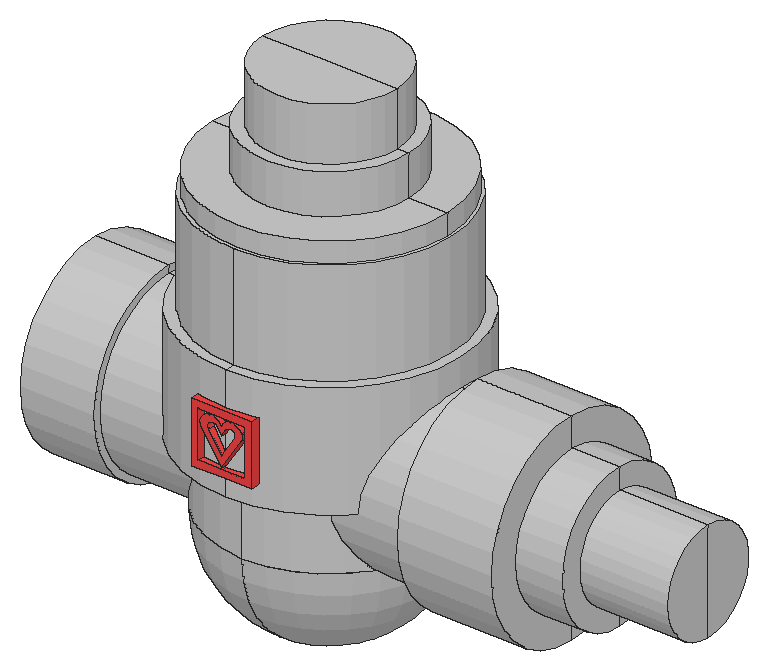
Revit family "RL-1-E Return Valve Straight Model 3723", category Rohrzubehör, Revit 2021
Family settings
  Bemaßung runder Anschluss = Durchmesser verwenden
  Teiletyp = Unterbricht
  OmniClass-Nummer = 23.65.55.14
  OmniClass-Titel = Valves for Liquid Services
  Arbeitsebenenbasiert = Nein
  Immer vertikal = Nein
  Beim Laden mit Abzugskörper schneiden = Nein
  Gemeinsam genutzt = Nein
Parameters
  Vorgabe-Ansicht = 0.000 mm
  URL = "www.herzvalves.com"
  SCRNSEQ = "ARM;ARM_TYP=\"ALLF\";2"
  SCRNCODE = "05;01;02"  # constant formula
  S04 = 45.000 mm  # constant formula
  S03 = 61.000 mm  # constant formula
  S02 [instance] = L05 + L06 + L07  # 56.300 mm
  S01 = 10.000 mm  # constant formula
  R06 = 10.000 mm  # constant formula
  R05 = 11.750 mm  # constant formula
  R04 = 17.500 mm  # constant formula
  R03 = 16.500 mm  # constant formula
  R02 = 19.500 mm  # constant formula
  R01 = 18.000 mm  # constant formula
  Part number [instance] = size_lookup("3723_1E_", "Artnr", 0, Nennweite)  # 1372301
  Nennweite [instance] = 15.000 mm
  Model = "Standard models with nickel-plated threaded sockets."
  Medium = "Hot water purity according to ÖNORM H 5195 and/or VDI guideline 2035"
  Max. operating temperature = 110 °C  # constant formula
  Max. operating pressure = 1000000.0 Pa  # constant formula
  LO1 = 3.000 mm  # constant formula
  LO2 = 19.500 mm  # constant formula
  L07 [instance] = size_lookup("3723_1E_", "L7", 1.000 mm, Nennweite)  # 20.300 mm
  L06 [instance] = size_lookup("3723_1E_", "L6", 1.000 mm, Nennweite)  # 14.000 mm
  L05 [instance] = L02 - L04  # 22.000 mm
  L04 [instance] = size_lookup("3723_1E_", "L4", 1.000 mm, Nennweite)  # 11.000 mm
  L03 [instance] = size_lookup("3723_1E_", "L3", 1.000 mm, Nennweite)  # 11.000 mm
  L02 [instance] = size_lookup("3723_1E_", "L2", 1.000 mm, Nennweite)  # 33.000 mm
  L01 [instance] = size_lookup("3723_1E_", "L1", 1.000 mm, Nennweite)  # 35.000 mm
  Hersteller = "HERZ Armaturen Ges.m.b.H."  # constant formula
  H6 = 8.000 mm  # constant formula
  H07 = 14.000 mm  # constant formula
  H05 = 17.000 mm  # constant formula
  H04 [instance] = H02 - H03  # 17.000 mm
  H03 = 15.500 mm  # constant formula
  H02 [instance] = 32.500 mm  # constant formula
  H01 [instance] = 26.000 mm  # constant formula
  GTI [instance] = size_lookup("3723_1E_", "GT1", 1.000 mm, Nennweite)  # 13.200 mm
  GT [instance] = size_lookup("3723_1E_", "GT", 1.000 mm, Nennweite)  # 12.000 mm
  G2 [instance] = Nennweite / 2  # 7.500 mm
  G1 [instance] = Nennweite / 2  # 7.500 mm
  D05 [instance] = size_lookup("3723_1E_", "D5", 1.000 mm, Nennweite)  # 10.650 mm
  D04 [instance] = size_lookup("3723_1E_", "D4", 1.000 mm, Nennweite)  # 15.000 mm
  D03 [instance] = size_lookup("3723_1E_", "D3", 1.000 mm, Nennweite)  # 9.525 mm
  D02 [instance] = size_lookup("3723_1E_", "D2", 1.000 mm, Nennweite)  # 13.000 mm
  D01 [instance] = size_lookup("3723_1E_", "D1", 1.000 mm, Nennweite)  # 14.000 mm
  Body = "nickel-plated"  # constant formula
  Application = "Water Heating Systems\r\nInstallation of the return valve permits shutting off the return connection of the radiator.\r\nWhen the intake valve is shut at the same time, the radiator can be removed while the system is under pressure."
Reference planes
  plane 1 "Mitte (Vorne/hinten)": y = 0
  plane 2: z = 0
  plane 3 "Mitte (Links/rechts)": x = 0
Forms (mm)
  Revolve 1, solid, material "Messing, weicher Gelbton, geschweißt", detail levels fine
    sketch origin (0, 0, 0) x (1, 0, 0) y (0, 0, 1)
      loop
        line (-23, 0) -> (33, 0) -> (33, 9.525) -> (22, 9.525) -> (22, 13) -> (-24, 13) -> (-24, 14) -> (-35, 14) -> (-35, 7.5) -> (-23, 7.5) -> (-23, 0)
      axis (-35, 0) -> (33, 0)
    angle from 0 to 360
  Revolve 2, solid, material "Messing, weicher Gelbton, geschweißt", detail levels fine
    sketch origin (0, 0, 0) x (0, 1, 0) y (0, 0, 1)
      loop
        line (0, 32.5) -> (-18, 32.5) -> (-18, 17) -> (-19.5, 17) -> (-19.5, 0) -> (-16.5, 0) -> (-16.5, -9.5)
        arc (-16.5, -9.5) -> (-11.667, -21.167) -> (0, -26) r 16.5
        line (0, -26) -> (0, 32.5)
      axis (0, -26) -> (0, 32.5)
    angle from 0 to 360
  Revolve 3, solid, material "Messing, weicher Gelbton, geschweißt", detail levels fine
    sketch origin (0, 0, 0) x (1, 0, 0) y (0, 0, 1)
      loop
        line (33, 0) -> (56.3, 0) -> (56.3, 7.5) -> (43.1, 7.5) -> (43.1, 10.65) -> (36, 10.65) -> (36, 15) -> (22, 15) -> (22, 9.525) -> (33, 9.525) -> (33, 0)
      axis (22, 0) -> (56.3, 0)
    angle from 0 to 360
  Revolve 4, solid, material "Messing, weicher Gelbton, geschweißt", detail levels medium+fine
    sketch origin (0, 0, 0) x (1, 0, 0) y (0, 0, 1)
      loop
        line (0, 32.5) -> (0, 49.5) -> (-10, 49.5) -> (-10, 41.5) -> (-11.75, 41.5) -> (-11.75, 35.5) -> (-17.5, 35.5) -> (-17.5, 32.5) -> (0, 32.5)
      axis (0, 49.5) -> (0, 32.5)
    angle from 0 to 360
Lines and regions (mm)
  model lines, detail levels coarse+medium
    curve 1: line (-35, 0, 14) -> (-35, 0, -14)
    curve 2: line (-35, 0, -14) -> (35, 0, 14)
    curve 3: line (35, 0, 14) -> (35, 0, -14)
    curve 4: line (35, 0, -14) -> (-35, 0, 14)
    curve 5: line (35, 0, 14) -> (45, 0, 14)
    curve 6: line (45, 0, 14) -> (35, 0, 0)
    curve 7: line (35, 0, -14) -> (45, 0, -14)
    curve 8: line (45, 0, -14) -> (35, 0, 0)
    curve 9: line (35, 0, 0) -> (56.3, 0, 0)
    curve 10: line (-35, 14, 0) -> (-35, -14, 0)
    curve 11: line (-35, -14, 0) -> (35, 14, 0)
    curve 12: line (35, 14, 0) -> (35, -14, 0)
    curve 13: line (35, -14, 0) -> (-35, 14, 0)
    curve 14: line (35, 14, 0) -> (45, 14, 0)
    curve 15: line (45, 14, 0) -> (35, 0, 0)
    curve 16: line (35, -14, 0) -> (45, -14, 0)
    curve 17: line (45, -14, 0) -> (35, 0, 0)
Dimensions and locks
  "L01": Revolve 1 sketch curve to plane 3 "Mitte (Links/rechts)"
  "L02": Revolve 1 sketch curve to plane 3 "Mitte (Links/rechts)"
  "G1": Revolve 1 sketch curve to plane 2
  "GT": Revolve 1 sketch curve to Revolve 1 sketch curve
  "D01": Revolve 1 sketch curve to Revolve 1 sketch curve
  "D02": Revolve 1 sketch curve to Revolve 1 sketch curve
  "D03": Revolve 1 sketch curve to Revolve 1 sketch curve
  "L03": Revolve 1 sketch curve to Revolve 1 sketch curve
  "L04": Revolve 1 sketch curve to Revolve 1 sketch curve
  "H02": Revolve 2 sketch curve to plane 2
  "D03": Revolve 3 sketch curve to plane 2
  "L04": Revolve 3 sketch curve to Revolve 3 sketch curve
  "L05": Revolve 3 sketch curve to plane 3 "Mitte (Links/rechts)"
  "L06": Revolve 3 sketch curve to Revolve 3 sketch curve
  "L07": Revolve 3 sketch curve to Revolve 3 sketch curve
  "D04": Revolve 3 sketch curve to Revolve 3 sketch curve
  "G2": Revolve 3 sketch curve to Revolve 3 sketch curve
  "D05": Revolve 3 sketch curve to Revolve 3 sketch curve
  "GTI": Revolve 3 sketch curve to Revolve 3 sketch curve
  "LO1": nested 1 to plane 2
  "D01": curve 4 to plane 2 to curve 2
  "D01": curve 3 to plane 2 to curve 4
  "L01": curve 1 to plane 3 "Mitte (Links/rechts)" to curve 3
  "S01": curve 3 to curve 6
  "S02": curve 9 to plane 3 "Mitte (Links/rechts)"
  "L01": curve 10 to plane 3 "Mitte (Links/rechts)" to curve 12
  "D01": curve 11 to plane 1 "Mitte (Vorne/hinten)" to curve 13
  "D01": curve 13 to plane 1 "Mitte (Vorne/hinten)" to curve 12
  "S01": curve 12 to curve 15
  "S01": curve 12 to curve 17
  "H03": Revolve 2 sketch curve to Revolve 2 sketch curve
  "R02": Revolve 2 sketch curve to Revolve 2 sketch curve
  "R01": Revolve 2 sketch curve to Revolve 2 sketch curve
  "H04": Revolve 2 sketch curve to Revolve 2 sketch curve
  "H01": plane 2 to Revolve 2 sketch curve
  "LO2": nested 1 to plane 1 "Mitte (Vorne/hinten)"
  "H05": Revolve 4 sketch curve to Revolve 2
  "H02": Revolve 4 sketch curve to plane 2
  "H6": Revolve 4 sketch curve to Revolve 4 sketch curve
  "H07": Revolve 4 sketch curve to Revolve 4 sketch curve
  "R06": Revolve 4 sketch curve to Revolve 4 sketch curve
  "R05": Revolve 4 sketch curve to Revolve 4 sketch curve
  "R04": Revolve 4 sketch curve to Revolve 4 sketch curve
  "R03": radius of Revolve 2 sketch curve
  aligned and locked: level to plane 2
Automatic sketch dimensions
  curve 9 to level = 0.000 mm
  curve 3 to curve 8 = 10.000 mm
  plane 1 "Mitte (Vorne/hinten)" to curve 17 = 0.000 mm
  Revolve 1 sketch curve to level = 0.000 mm  (x2)
  Revolve 1 sketch curve to Revolve 1 sketch curve = 1436.530 mm
  Revolve 1 sketch curve to Revolve 1 sketch curve = 1779.148 mm
  Revolve 2 sketch curve to plane 1 "Mitte (Vorne/hinten)" = 0.000 mm  (x2)
  Revolve 2 sketch curve to Revolve 2 sketch curve = 0.000 mm
  Revolve 2 sketch curve to Revolve 2 sketch curve = 1236.335 mm
  Revolve 3 sketch curve to level = 0.000 mm  (x2)
  Revolve 3 sketch curve to plane 3 "Mitte (Links/rechts)" = 1506.530 mm
  Revolve 3 sketch curve to Revolve 3 sketch curve = 1789.648 mm
  Revolve 4 sketch curve to plane 3 "Mitte (Links/rechts)" = 0.000 mm  (x2)
  Revolve 4 sketch curve to level = 366.045 mm
  Revolve 4 sketch curve to Revolve 4 sketch curve = 2164.815 mm
Nested families
  nested 1: "Herz-Logo-vorne" at (0, -19.5, 7.5) x (0, 1, 0) z (0, 0, 1), type "Herz-Logo-vorne", detail levels fine
Connectors
  piping at (-23, 0, 0), diameter 15, driven by "Nennweite"
    settings: on Revolve 1, index 1, connector inside diameter 609.6 mm, connector length 0.000 mm, flow factor 0, pipe flow 0.0 L/s, pressure drop 0.0 Pa, fitting loss kfactor 0, connector angle 0.00°, fixture units 0, engagement length 0.000 mm, angle of deflection 0.00°, flow configuration 0, flow direction 1, fitting loss method 0, system type 8, joint type 0, gender type 0, connector reference index -1, connector utility 0, adjustable connector no, is connector primary yes, connector description ""
  piping at (56.3, 0, 0), diameter 15, driven by "Nennweite"
    settings: on Revolve 3, index 2, connector inside diameter 609.6 mm, connector length 0.000 mm, flow factor 0, pipe flow 0.0 L/s, pressure drop 0.0 Pa, fitting loss kfactor 0, connector angle 0.00°, fixture units 0, engagement length 0.000 mm, angle of deflection 0.00°, flow configuration 0, flow direction 2, fitting loss method 0, system type 8, joint type 0, gender type 0, connector reference index -1, connector utility 0, adjustable connector no, is connector primary no, connector description ""
Definition of nested family "Herz-Logo-vorne"
  Parameters (values of type "Herz-Logo-vorne")
    Default Elevation = 0.000 mm
  Reference planes
    plane 1 "Mitte (Vorne/hinten)": y = 0
    plane 2: z = 0
    plane 3 "Mitte (Links/rechts)": x = 0
  Forms (mm)
    Extrusion 1, solid
      sketch origin (0.732, -0.018, 0.017) x (0, -1, 0) y (0, 0, 1)
        loop
          line (-0.018, -4.517) -> (4.482, -4.517) -> (4.482, 4.483) -> (-4.518, 4.483) -> (-4.518, -4.517) -> (-0.018, -4.517)
        loop
          line (-0.05, -3.48) -> (3.482, -3.48) -> (3.482, 3.483) -> (-3.518, 3.483) -> (-3.518, -3.48) -> (-0.05, -3.48)
        loop
          arc (-0.018, 2.383) -> (-1.543, 3.287) -> (-3.067, 2.383) r 1.738
          arc (-3.067, 2.383) -> (-3.191, 1.899) -> (-3.067, 1.415) r 1.009
          line (-3.067, 1.415) -> (-0.018, -3.281) -> (3.032, 1.415)
          arc (3.032, 1.415) -> (3.156, 1.899) -> (3.032, 2.383) r 1.009
          arc (3.032, 2.383) -> (1.507, 3.287) -> (-0.018, 2.383) r 1.738
        loop
          arc (1.885, 1.272) -> (2.005, 1.675) -> (1.885, 2.079) r 0.74
          arc (1.885, 2.079) -> (1.265, 2.416) -> (0.644, 2.079) r 0.74
          line (0.644, 2.079) -> (-0.018, 0.97) -> (-0.679, 2.079)
          arc (-0.679, 2.079) -> (-1.3, 2.416) -> (-1.921, 2.079) r 0.74
          arc (-1.921, 2.079) -> (-2.04, 1.675) -> (-1.921, 1.272) r 0.74
          line (-1.921, 1.272) -> (-0.018, -1.658) -> (1.885, 1.272)
      from 0 to 1.5
  Dimensions and locks
    aligned and locked: level to plane 2
